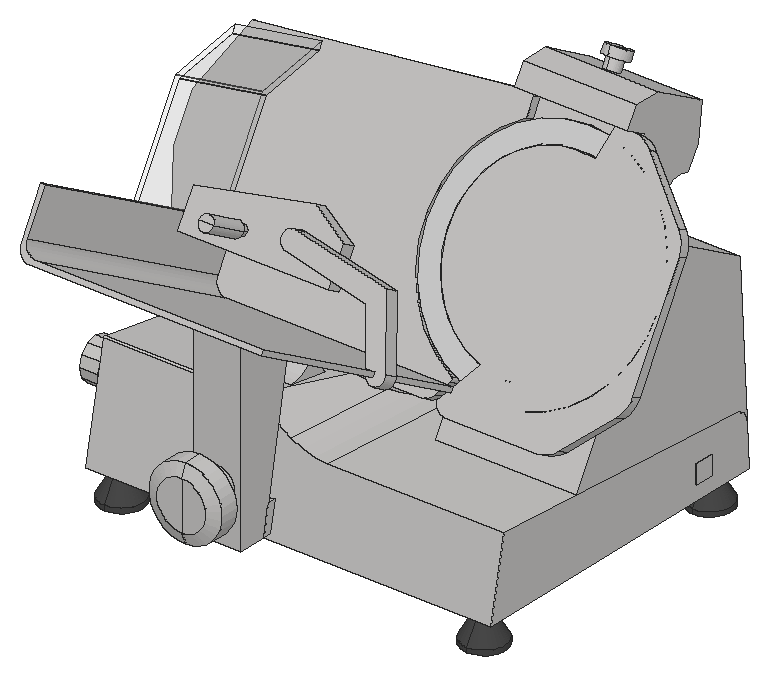
Revit family "QF_ELECTROLUXPROFESSIONAL_601130_MSG25B", category Attrezzature speciali, Revit 2020
Family settings
  Quota connettore circolare = Usa diametro
  Tipo di parte = Normale
  Basato su piano di lavoro = No
  Sempre verticale = Sì
  Taglio con vuoti quando caricato = No
  Condiviso = No
  Punto di calcolo locali = No
Parameters (values of type "Standard")
  Weight = 22.00 kg
  Watts = 190 W
  Volts = 230 V
  URL Manufacturer = "https://www.electroluxprofessional.com/"
  URL = "https://www.electroluxprofessional.com/"
  Steam Supply Size = 0 mm
  Steam Supply Minimum Pressure = 0.0 Pa
  Steam Supply Maximum Pressure = 0.0 Pa
  Steam Consumption per Hour = 0
  Refrigeration Suction Line Size = 0 mm
  Refrigeration Liquid Line Size = 0 mm
  Refrigerant Compressor Remote = yes
  Prospetto di default = 0 mm
  Produttore = "Electrolux Professional"
  Phase = 1
  Modello = "MSG25B"
  Length Actual = 510 mm  # constant formula
  Item Number = "601130"
  Hot Water Size = 0 mm
  Height Actual = 370 mm  # constant formula
  HP = "0.3 HP"
  Gas Size = 0 mm
  Gas KW = 0
  Gas Input Pressure = 0 W
  Direct Waste Size = 0 mm
  Descrizione = "GRAVITY SLICER 250 MM BELT TRANSMISSION"
  Depth Actual = 420 mm  # constant formula
  Cycle = 50 Hz
  Condensate Return Size = 0 mm
  Compressed Air Volume = 0.0 L/s
  Compressed Air Size = 0 mm
  Compressed Air Pressure = 0.0 Pa
  Cold Water Size = 0 mm
  Accessory = yes
Reference planes
  plane 1 "Back": y = 0
  plane 2: z = 0
  plane 3 "Left": x = 0
  plane 4: through (0, -62.476, 411.876) normal (0, -0.866, 0.5)
  plane 5: x = 120
  plane 6: x = 215
  plane 7: y = -170
  plane 8: y = -340
  plane 9: x = 477.05
  plane 10: x = -32.95
Forms (mm)
  Extrusion 1, solid, material "QF_Finishes_Stainless Steel"
    sketch origin (0, -2.5, 31.651) x (0, 1, 0) y (0, 0, 1)
      loop
        line (0.111, 45.617) -> (2.502, 0) -> (-340, 0) -> (-316.027, 112.786)
        arc (-316.027, 112.786) -> (-315.18, 114.042) -> (-313.698, 114.357) r 2.022
        line (-313.698, 114.357) -> (-209.251, 95.94)
        arc (-209.251, 95.94) -> (-187.506, 79.177) -> (-161.592, 70.108) r 86.138
        line (-161.592, 70.108) -> (-13.411, 59.746)
        arc (-13.411, 59.746) -> (-3.886, 55.355) -> (0, 45.614) r 14.152
    from 0 to 430
  Extrusion 2, solid, material "QF_Finishes_Stainless Steel"
    sketch origin (145, -2.5, 31.651) x (0, 1, 0) y (0, 0, 1)
      loop
        line (-347.59, 5.346) -> (-313.916, 178.584) -> (-377.59, 215.346) -> (-377.59, 5.346) -> (-347.59, 5.346)
    from 0 to 50
  Extrusion 3, solid, material "QF_Finishes_Stainless Steel"
    sketch origin (410, -2.5, 31.651) x (0, 1, 0) y (0, 0, 1)
      loop
        line (0.072, 46.359) -> (-8.196, 204.121)
        arc (-8.196, 204.121) -> (-8.926, 206.472) -> (-10.689, 208.19) r 5
        line (-10.689, 208.19) -> (-113.35, 267.461) -> (-224.742, 74.524) -> (-13.411, 59.746)
        arc (-13.411, 59.746) -> (-4.145, 55.621) -> (-0.019, 46.354) r 14.152
    from -130 to 20
  Extrusion 4, solid, material "QF_Finishes_Stainless Steel"
    sketch origin (327.292, -2.5, 31.651) x (0, 1, 0) y (0, 0, 1)
      loop
        line (-22.353, 351.363) -> (-78.648, 383.865) -> (-108.648, 383.865) -> (-119.762, 364.616) -> (-97.262, 351.626) -> (-116.148, 318.913) -> (-64.187, 288.913)
        arc (-64.187, 288.913) -> (-52.101, 292.661) -> (-39.728, 290.011) r 25
        line (-39.728, 290.011) -> (-27.228, 311.661) -> (-22.353, 351.363)
    from -47.292 to 72.708
  Extrusion 5, void
    sketch origin (0, -7.784, 20.549) x (1, 0, 0) y (0, 0.069756, 0.997564)
      loop
        line (120, 133.652) -> (120, 115.327)
        arc (120, 115.327) -> (133.052, 114.442) -> (145.555, 110.596) r 56.825
        line (145.555, 110.596) -> (202.989, 80.057)
        arc (202.989, 80.057) -> (222.331, 72.633) -> (242.894, 70.108) r 85
        line (242.894, 70.108) -> (430, 70.108) -> (430, 133.652) -> (120, 133.652)
    from 147.863 to 407.59
  Extrusion 6, solid, material "QF_Finishes_Stainless Steel"
    sketch origin (-752.5, -238.087, 165.011) x (1, 0, 0) y (0, 0.5, 0.866025)
      loop
        line (813.75, 0) -> (1060, 0) -> (1060, 5) -> (818.75, 5)
        arc (818.75, 5) -> (808.143, 9.393) -> (803.75, 20) r 15
        line (803.75, 20) -> (803.75, 67.519) -> (798.75, 67.519) -> (798.75, 15)
        arc (798.75, 15) -> (803.143, 4.393) -> (813.75, 0) r 15
    from 3.968 to 294.34
  Extrusion 7, solid, material "QF_Finishes_Stainless Steel"
    sketch origin (-910, -235.508, 148.157) x (1, 0, 0) y (0, 0.5, 0.866025)
      loop
        line (877.05, 169.544) -> (877.05, 119.544) -> (904.411, 44.368) -> (995.38, 0) -> (1188.402, 0)
        arc (1188.402, 0) -> (1195.212, 1.635) -> (1200.537, 6.183) r 15
        line (1200.537, 6.183) -> (1211.241, 20.916)
        arc (1211.241, 20.916) -> (1211.711, 23.459) -> (1210.027, 25.423) r 3
        arc (1210.027, 25.423) -> (1135.694, 134.151) -> (1200, 249.094) r 125
        line (1200, 249.094) -> (1200, 268.373)
        arc (1200, 268.373) -> (1199.007, 270.602) -> (1196.686, 271.356) r 3
        line (1196.686, 271.356) -> (912.12, 241.447) -> (877.05, 169.544)
      loop
        line (1216.321, -8.334) -> (1314.043, -8.334)
        arc (1314.043, -8.334) -> (1325.524, -6.051) -> (1335.256, 0.452) r 30
        line (1335.256, 0.452) -> (1378.263, 43.459)
        arc (1378.263, 43.459) -> (1384.766, 53.192) -> (1387.05, 64.672) r 30
        line (1387.05, 64.672) -> (1387.05, 188.023)
        arc (1387.05, 188.023) -> (1384.766, 199.503) -> (1378.263, 209.236) r 30
        line (1378.263, 209.236) -> (1326.079, 261.42)
        arc (1326.079, 261.42) -> (1316.347, 267.923) -> (1304.866, 270.206) r 30
        line (1304.866, 270.206) -> (1286.584, 270.206) -> (1277.973, 238.223)
        arc (1277.973, 238.223) -> (1163.049, 161.88) -> (1233.763, 43.409) r 100
        line (1233.763, 43.409) -> (1203.894, 2.297)
        arc (1203.894, 2.297) -> (1208.144, -5.314) -> (1216.321, -8.334) r 12.579
    from 0 to 10
  Extrusion 8, solid, material "QF_Finishes_Handrails and Railings"
    sketch origin (-910, -234.601, 147.633) x (1, 0, 0) y (0, 0.5, 0.866025)
      loop
        circle (1260.569, 139.749) r 101
      loop
        circle (1260.569, 139.749) r 123
    from 8.048 to 10.048
  Extrusion 9, solid, material "QF_Finishes_Stainless Steel"
    sketch origin (432, 82.133, 440.055) x (0, 0, 1) y (0, 1, 0)
      loop
        line (-392.404, -132.714) -> (-392.404, -152.714) -> (-372.404, -152.714) -> (-372.404, -132.714) -> (-392.404, -132.714)
    from 0 to 2
  Revolve 10, solid, material "QF_Finishes_Black"
    sketch origin (22.5, -2.5, 31.651) x (0, 1, 0) y (0, 0, 1)
      loop
        line (-20, 0) -> (-20, -31.651) -> (2.5, -31.651) -> (2.5, -26.651) -> (-10, -5) -> (-10, 0) -> (-20, 0)
      axis (-20, -31.651) -> (-20, 0)
    angle from 0 to 360
  Extrusion 11, solid, material "QF_Finishes_Stainless Steel"
    sketch origin (0, -2.5, 31.651) x (0, 1, 0) y (0, 0, 1)
      loop
        arc (-227.363, 99.134) -> (-231.934, 107.252) -> (-233.008, 116.507) r 23.607
        line (-233.008, 116.507) -> (-241.668, 121.507)
        arc (-241.668, 121.507) -> (-255.318, 110.809) -> (-272.247, 107.048) r 39.2
        line (-272.247, 107.048) -> (-227.363, 99.134)
    from 85.773 to 164.217
  Revolve 12, solid, material "QF_Finishes_Handrails and Railings"
    sketch origin (353.75, -2.5, 31.651) x (0, 1, 0) y (0, 0, 1)
      loop
        line (-109.898, 329.739) -> (-163.134, 237.533) -> (-138.755, 223.458) -> (-118.755, 258.099) -> (-109.898, 329.739)
      axis (-138.755, 223.458) -> (-163.134, 237.533)
    angle from 0 to 360
  Revolve 13, solid, material "QF_Finishes_Black"
    sketch origin (407.5, -2.5, 31.651) x (0, 1, 0) y (0, 0, -1)
      loop
        line (-20, 0) -> (-10, 0) -> (-10, 5) -> (2.5, 26.651) -> (2.5, 31.651) -> (-20, 31.651) -> (-20, 0)
      axis (-20, 31.651) -> (-20, 0)
    angle from 0 to 360
  Revolve 14, solid, material "QF_Finishes_Black"
    sketch origin (22.5, -342.5, 31.651) x (0, -1, 0) y (0, 0, -1)
      loop
        line (-20, 0) -> (-10, 0) -> (-10, 5) -> (2.5, 26.651) -> (2.5, 31.651) -> (-20, 31.651) -> (-20, 0)
      axis (-20, 31.651) -> (-20, 0)
    angle from 0 to 360
  Revolve 15, solid, material "QF_Finishes_Black"
    sketch origin (407.5, -342.5, 31.651) x (0, -1, 0) y (0, 0, 1)
      loop
        line (-20, 0) -> (-20, -31.651) -> (2.5, -31.651) -> (2.5, -26.651) -> (-10, -5) -> (-10, 0) -> (-20, 0)
      axis (-20, -31.651) -> (-20, 0)
    angle from 0 to 360
  Extrusion 16, solid, material "QF_Finishes_Stainless Steel"
    sketch origin (0, -2.5, 31.651) x (0, 1, 0) y (0, 0, 1)
      loop
        line (-347.59, 5.346) -> (-338.864, 5.346) -> (-332.487, 35.346) -> (-341.758, 35.346) -> (-347.59, 5.346)
    from 145 to 195
  Revolve 17, solid, material "QF_Finishes_Stainless Steel"
    sketch origin (-1014.056, -280.067, -37.335) x (1, 0, 0) y (0, 0, 1)
      loop
        line (1014.056, 171) -> (1011.556, 171) -> (1002.782, 157.226) -> (1002.782, 155.22) -> (999.669, 150.775) -> (999.669, 149.212) -> (995.281, 149.212) -> (995.281, 133) -> (1014.056, 133) -> (1014.056, 171)
      axis (995.281, 133) -> (1014.056, 133)
    angle from 0 to 360
  Extrusion 18, solid, material "QF_Finishes_Stainless Steel"
    sketch origin (-1014.056, -2.5, 31.651) x (0, 1, 0) y (0, 0, 1)
      loop
        line (-288.697, 82.907) -> (-296.745, 74.859) -> (-299.691, 63.865) -> (-296.745, 52.871) -> (-288.697, 44.823) -> (-277.704, 41.877) -> (-266.71, 44.823) -> (-258.662, 52.871) -> (-255.716, 63.865) -> (-258.662, 74.859) -> (-266.71, 82.907) -> (-277.704, 85.852) -> (-288.697, 82.907)
    from 975.281 to 995.281
  Revolve 19, solid, material "QF_Finishes_Stainless Steel"
    sketch origin (335, -2.5, 31.651) x (0, 1, 0) y (0, 0, 1)
      loop
        line (-60.28, 373.26) -> (-53.482, 369.335) -> (-47.768, 379.231) -> (-43.438, 376.731) -> (-38.886, 384.616) -> (-50.014, 391.041) -> (-60.28, 373.26)
      axis (-60.28, 373.26) -> (-50.014, 391.041)
    angle from 0 to 360
  Extrusion 20, solid, material "Vetro Trasparente"
    sketch origin (-918.675, -117.361, 109.398) x (1, 0, 0) y (0, 0.5, 0.866025)
      loop
        line (959.925, 7.799) -> (964.925, 7.799) -> (964.925, 162.745) -> (1000.743, 213.899) -> (1000.743, 222.616) -> (959.925, 164.322) -> (959.925, 7.799)
    from 143.159 to 276.698
  Revolve 21, solid, material "QF_Finishes_Stainless Steel"
    sketch origin (170, -2.5, 31.651) x (0, 1, 0) y (0, 0, 1)
      loop
        line (-377.59, 60.846) -> (-377.59, 78.816) -> (-395.099, 78.816) -> (-400.656, 99.554) -> (-419.582, 99.554) -> (-424.967, 86.868) -> (-424.967, 60.846) -> (-377.59, 60.846)
      axis (-377.59, 60.846) -> (-424.967, 60.846)
    angle from 0 to 360
  Extrusion 22, solid, material "QF_Finishes_Stainless Steel"
    sketch origin (-1088.247, -417.141, 43.56) x (1, 0, 0) y (0, 0.5, 0.866025)
      loop
        line (1157.755, 287.815) -> (1157.755, 247.815) -> (1317.755, 247.815) -> (1317.755, 287.815) -> (1278.255, 310.62) -> (1157.755, 287.815)
    from 0 to 15
  Extrusion 23, solid, material "QF_Finishes_Stainless Steel"
    sketch origin (-1088.247, -430.131, 51.06) x (1, 0, 0) y (0, 0.5, 0.866025)
      loop
        arc (1278.158, 286.028) -> (1266.573, 277.917) -> (1274.685, 266.332) r 10
        line (1274.685, 266.332) -> (1366.873, 250.077) -> (1389.061, 193.545)
        arc (1389.061, 193.545) -> (1402.023, 187.89) -> (1407.678, 200.852) r 10
        line (1407.678, 200.852) -> (1381.393, 267.825) -> (1278.158, 286.028)
    from 0 to 15
  Revolve 24, solid, material "QF_Finishes_Stainless Steel"
    sketch origin (-1088.247, -283.234, 275.494) x (1, 0, 0) y (0, 0.866025, -0.5)
      loop
        line (1217.755, -15) -> (1217.755, -70) -> (1225.755, -70) -> (1225.755, -25) -> (1222.755, -25) -> (1222.755, -15) -> (1217.755, -15)
      axis (1217.755, -15) -> (1217.755, -70)
    angle from 0 to 360
Cuts and joins
  Extrusion 5 cuts Extrusion 1
  joined: Extrusion 7, Extrusion 11
Dimensions and locks
  locked: Extrusion 3 to Extrusion 3 at 150
  locked: plane 5 to plane 3 "Left" at 120
  equal spacing: cut or joined group of Extrusion 1, Extrusion 5, plane 6, cut or joined group of Extrusion 1, Extrusion 5
  equal spacing: plane 1 "Back", plane 7, plane 8
  locked: Extrusion 2 to Revolve 21 at 7.03
  plane 10 to plane 9 = 510 mm
  plane 3 "Left" to cut or joined group of Extrusion 1, Extrusion 5 = 430 mm
  aligned and locked: level to plane 2
  aligned and locked: cut or joined group of Extrusion 1, Extrusion 5 to Extrusion 3
  aligned and locked: Extrusion 1 to Extrusion 5
  aligned and locked: Extrusion 5 to plane 5
  aligned and locked: Extrusion 4 to Extrusion 3
  aligned and locked: Extrusion 16 to Extrusion 2
  aligned and locked: Extrusion 2 to Extrusion 16
  aligned and locked: Extrusion 18 to Revolve 17
Automatic sketch dimensions
  level to Extrusion 1 sketch curve = 31.651 mm
  plane 8 to Extrusion 1 sketch curve = 2.5 mm
  plane 1 "Back" to Extrusion 1 sketch curve = 2.5 mm
  Extrusion 1 sketch curve to plane 8 = 21.473 mm
  Extrusion 1 sketch curve to Extrusion 1 sketch curve = 1.978 mm
  Extrusion 1 sketch curve to Extrusion 1 sketch curve = 0.351 mm
  Extrusion 1 sketch curve to plane 7 = 41.751 mm
  plane 7 to Extrusion 1 sketch curve = 5.908 mm
  plane 7 to Extrusion 1 sketch curve = 21.04 mm
  plane 1 "Back" to Extrusion 1 sketch curve = 16.652 mm
  plane 1 "Back" to Extrusion 1 sketch curve = 15.911 mm
  Extrusion 1 sketch curve to plane 1 "Back" = 0.002 mm
  level to Extrusion 1 sketch curve = 77.264 mm
  level to Extrusion 1 sketch curve = 101.759 mm
  Extrusion 1 sketch curve to Extrusion 1 sketch curve = 25.832 mm
  Extrusion 1 sketch curve to Extrusion 1 sketch curve = 16.426 mm
  Extrusion 1 sketch curve to Extrusion 1 sketch curve = 0.42 mm
  plane 1 "Back" to Extrusion 1 sketch curve = 2.389 mm
  Extrusion 1 sketch curve to Extrusion 1 sketch curve = 0.003 mm
  level to Extrusion 2 sketch curve = 36.997 mm
  plane 8 to Extrusion 2 sketch curve = 40.09 mm
  plane 8 to Extrusion 2 sketch curve = 10.09 mm
  Extrusion 2 sketch curve to plane 8 = 23.584 mm
  Extrusion 2 sketch curve to Extrusion 2 sketch curve = 173.238 mm
  Extrusion 2 sketch curve to Extrusion 2 sketch curve = 36.762 mm
  Extrusion 3 sketch curve to plane 7 = 57.242 mm
  plane 7 to Extrusion 3 sketch curve = 54.15 mm
  plane 1 "Back" to Extrusion 3 sketch curve = 16.652 mm
  plane 1 "Back" to Extrusion 3 sketch curve = 15.911 mm
  plane 1 "Back" to Extrusion 3 sketch curve = 15.689 mm
  Extrusion 3 sketch curve to Extrusion 3 sketch curve = 2.5 mm
  Extrusion 3 sketch curve to Extrusion 3 sketch curve = 2.493 mm
  level to Extrusion 3 sketch curve = 77.264 mm
  Extrusion 3 sketch curve to Extrusion 3 sketch curve = 14.132 mm
  level to Extrusion 3 sketch curve = 106.175 mm
  Extrusion 3 sketch curve to Extrusion 3 sketch curve = 144.114 mm
  Extrusion 3 sketch curve to Extrusion 3 sketch curve = 0.262 mm
  plane 1 "Back" to Extrusion 3 sketch curve = 2.519 mm
  plane 1 "Back" to Extrusion 3 sketch curve = 2.428 mm
  Extrusion 3 sketch curve to Extrusion 3 sketch curve = 0.005 mm
  plane 4 to Extrusion 4 sketch curve = 17.99 mm  (x3)
  plane 7 to Extrusion 4 sketch curve = 47.738 mm
  Extrusion 4 sketch curve to Extrusion 4 sketch curve = 3.613 mm
  Extrusion 4 sketch curve to Extrusion 4 sketch curve = 11.113 mm
  Extrusion 4 sketch curve to Extrusion 4 sketch curve = 22.5 mm
  Extrusion 4 sketch curve to Extrusion 4 sketch curve = 51.962 mm
  Extrusion 4 sketch curve to Extrusion 4 sketch curve = 13.206 mm
  Extrusion 4 sketch curve to Extrusion 4 sketch curve = 24.459 mm
  Extrusion 4 sketch curve to Extrusion 4 sketch curve = 12.5 mm
  plane 1 "Back" to Extrusion 4 sketch curve = 24.853 mm
  Extrusion 4 sketch curve to Extrusion 4 sketch curve = 21.227 mm
  Extrusion 4 sketch curve to Extrusion 4 sketch curve = 21.651 mm
  Extrusion 4 sketch curve to Extrusion 4 sketch curve = 39.702 mm
  Extrusion 5 sketch curve to plane 5 = 0 mm
  plane 5 to Extrusion 5 sketch curve = 2.708 mm
  plane 5 to Extrusion 5 sketch curve = 25.555 mm
  plane 6 to Extrusion 5 sketch curve = 12.011 mm
  Extrusion 5 sketch curve to plane 6 = 27.894 mm
  Extrusion 5 sketch curve to Extrusion 5 sketch curve = 187.106 mm
  Extrusion 5 sketch curve to Extrusion 5 sketch curve = 11.542 mm
  Extrusion 5 sketch curve to Extrusion 5 sketch curve = 9.949 mm
  Extrusion 5 sketch curve to Extrusion 5 sketch curve = 52.03 mm
  Extrusion 5 sketch curve to Extrusion 5 sketch curve = 63.544 mm
  plane 3 "Left" to Extrusion 6 sketch curve = 46.25 mm
  Extrusion 6 sketch curve to Extrusion 6 sketch curve = 5 mm  (x3)
  Extrusion 6 sketch curve to Extrusion 6 sketch curve = 10 mm
  Extrusion 6 sketch curve to plane 6 = 92.5 mm
  Extrusion 6 sketch curve to Extrusion 6 sketch curve = 47.519 mm
  Extrusion 7 sketch curve to Extrusion 7 sketch curve = 0 mm  (x3)
  Extrusion 7 sketch curve to plane 3 "Left" = 32.95 mm
  Extrusion 7 sketch curve to plane 3 "Left" = 5.589 mm
  plane 3 "Left" to Extrusion 7 sketch curve = 2.12 mm
  Extrusion 7 sketch curve to plane 5 = 34.62 mm
  Extrusion 7 sketch curve to plane 6 = 63.402 mm
  Extrusion 7 sketch curve to plane 6 = 71.686 mm
  Extrusion 7 sketch curve to Extrusion 7 sketch curve = 0.314 mm
  Extrusion 7 sketch curve to Extrusion 7 sketch curve = 3 mm
  Extrusion 7 sketch curve to Extrusion 7 sketch curve = 12.135 mm
  Extrusion 7 sketch curve to Extrusion 7 sketch curve = 3.357 mm
  Extrusion 7 sketch curve to Extrusion 7 sketch curve = 8.277 mm
  Extrusion 7 sketch curve to Extrusion 7 sketch curve = 2.427 mm
  Extrusion 7 sketch curve to Extrusion 7 sketch curve = 12.428 mm
  Extrusion 7 sketch curve to Extrusion 7 sketch curve = 22.523 mm
  Extrusion 7 sketch curve to Extrusion 7 sketch curve = 26.806 mm
  Extrusion 7 sketch curve to Extrusion 7 sketch curve = 86.584 mm
  Extrusion 7 sketch curve to Extrusion 7 sketch curve = 18.282 mm
  Extrusion 7 sketch curve to Extrusion 7 sketch curve = 80.28 mm
  Extrusion 7 sketch curve to Extrusion 7 sketch curve = 21.213 mm  (x5)
  Extrusion 7 sketch curve to Extrusion 7 sketch curve = 43.007 mm  (x2)
  Extrusion 7 sketch curve to Extrusion 7 sketch curve = 52.184 mm  (x2)
  Extrusion 7 sketch curve to Extrusion 7 sketch curve = 8.787 mm  (x2)
  Extrusion 7 sketch curve to Extrusion 7 sketch curve = 8.334 mm
  Extrusion 7 sketch curve to Extrusion 7 sketch curve = 2.297 mm
  Extrusion 7 sketch curve to Extrusion 7 sketch curve = 3.887 mm
  Extrusion 7 sketch curve to Extrusion 7 sketch curve = 16.671 mm
  Extrusion 7 sketch curve to Extrusion 7 sketch curve = 1.763 mm
  Extrusion 7 sketch curve to Extrusion 7 sketch curve = 22.493 mm
  Extrusion 7 sketch curve to Extrusion 7 sketch curve = 44.368 mm
  Extrusion 7 sketch curve to Extrusion 7 sketch curve = 75.175 mm
  Extrusion 7 sketch curve to Extrusion 7 sketch curve = 96.34 mm
  Extrusion 7 sketch curve to Extrusion 7 sketch curve = 50 mm
  Extrusion 7 sketch curve to Extrusion 7 sketch curve = 123.35 mm
  Extrusion 7 sketch curve to Extrusion 7 sketch curve = 71.904 mm
  Extrusion 7 sketch curve to Extrusion 7 sketch curve = 8.888 mm
  Extrusion 7 sketch curve to Extrusion 7 sketch curve = 19.278 mm
  Extrusion 7 sketch curve to Extrusion 7 sketch curve = 26.893 mm
  Extrusion 8 sketch curve to Extrusion 8 sketch curve = 0 mm  (x2)
  Extrusion 8 sketch curve to plane 6 = 135.569 mm
  level to Revolve 10 sketch curve = 31.651 mm
  plane 1 "Back" to Revolve 10 sketch curve = 22.5 mm
  Revolve 10 sketch curve to Revolve 10 sketch curve = 10 mm  (x2)
  Revolve 10 sketch curve to plane 1 "Back" = 0 mm
  Revolve 10 sketch curve to Revolve 10 sketch curve = 5 mm  (x2)
  Revolve 10 sketch curve to Revolve 10 sketch curve = 21.651 mm
  Revolve 10 sketch curve to Revolve 10 sketch curve = 10.825 mm
  level to Revolve 10 sketch curve = 45.018 mm
  plane 4 to Extrusion 11 sketch curve = 17.99 mm
  Extrusion 11 sketch curve to plane 8 = 65.253 mm
  Extrusion 11 sketch curve to Extrusion 11 sketch curve = 0.173 mm
  Extrusion 11 sketch curve to Extrusion 11 sketch curve = 30.579 mm
  Extrusion 11 sketch curve to Extrusion 11 sketch curve = 8.66 mm
  Extrusion 11 sketch curve to Extrusion 11 sketch curve = 5.645 mm
  Extrusion 11 sketch curve to Extrusion 11 sketch curve = 23.526 mm
  Extrusion 11 sketch curve to Extrusion 11 sketch curve = 1.96 mm
  Extrusion 11 sketch curve to Extrusion 11 sketch curve = 9.459 mm
  Extrusion 11 sketch curve to Extrusion 11 sketch curve = 5 mm
  plane 4 to Revolve 12 sketch curve = 17.99 mm  (x2)
  plane 7 to Revolve 12 sketch curve = 4.366 mm
  Revolve 12 sketch curve to Revolve 12 sketch curve = 24.379 mm
  Revolve 12 sketch curve to Revolve 12 sketch curve = 20 mm
  plane 7 to Revolve 12 sketch curve = 57.602 mm
  Revolve 12 sketch curve to Revolve 12 sketch curve = 4.44 mm
  Revolve 12 sketch curve to Revolve 12 sketch curve = 0 mm  (x2)
  Revolve 12 sketch curve to Revolve 12 sketch curve = 2.564 mm
  level to Revolve 13 sketch curve = 31.651 mm
  plane 1 "Back" to Revolve 13 sketch curve = 22.5 mm
  Revolve 13 sketch curve to Revolve 13 sketch curve = 10 mm  (x2)
  Revolve 13 sketch curve to plane 1 "Back" = 0 mm
  Revolve 13 sketch curve to Revolve 13 sketch curve = 5 mm  (x2)
  Revolve 13 sketch curve to Revolve 13 sketch curve = 21.651 mm
  level to Revolve 13 sketch curve = 45.018 mm
  Revolve 13 sketch curve to Revolve 13 sketch curve = 10.825 mm
  level to Revolve 14 sketch curve = 31.651 mm
  Revolve 14 sketch curve to plane 8 = 17.5 mm
  Revolve 14 sketch curve to Revolve 14 sketch curve = 10 mm  (x2)
  plane 8 to Revolve 14 sketch curve = 5 mm
  Revolve 14 sketch curve to Revolve 14 sketch curve = 5 mm  (x2)
  Revolve 14 sketch curve to Revolve 14 sketch curve = 21.651 mm
  level to Revolve 14 sketch curve = 45.018 mm
  Revolve 14 sketch curve to Revolve 14 sketch curve = 10.825 mm
  level to Revolve 15 sketch curve = 31.651 mm
  Revolve 15 sketch curve to plane 8 = 17.5 mm
  Revolve 15 sketch curve to Revolve 15 sketch curve = 10 mm  (x2)
  plane 8 to Revolve 15 sketch curve = 5 mm
  Revolve 15 sketch curve to Revolve 15 sketch curve = 5 mm  (x2)
  Revolve 15 sketch curve to Revolve 15 sketch curve = 21.651 mm
  Revolve 15 sketch curve to Revolve 15 sketch curve = 10.825 mm
  level to Revolve 15 sketch curve = 45.018 mm
  plane 8 to Extrusion 16 sketch curve = 1.364 mm
  Extrusion 16 sketch curve to plane 8 = 5.013 mm
  level to Extrusion 16 sketch curve = 36.997 mm
  Extrusion 16 sketch curve to Extrusion 16 sketch curve = 30 mm
  plane 8 to Extrusion 16 sketch curve = 4.258 mm
  plane 8 to Extrusion 16 sketch curve = 10.09 mm
  plane 6 to Revolve 17 sketch curve = 233.774 mm
  Revolve 17 sketch curve to Revolve 17 sketch curve = 4.388 mm
  Revolve 17 sketch curve to Revolve 17 sketch curve = 3.113 mm
  Revolve 17 sketch curve to Revolve 17 sketch curve = 8.774 mm
  Revolve 17 sketch curve to Revolve 17 sketch curve = 18.774 mm
  Revolve 17 sketch curve to Revolve 17 sketch curve = 16.212 mm
  Revolve 17 sketch curve to Revolve 17 sketch curve = 9.387 mm
  Revolve 17 sketch curve to Revolve 17 sketch curve = 48.874 mm
  Revolve 17 sketch curve to Revolve 17 sketch curve = 0 mm
  level to Revolve 17 sketch curve = 95.665 mm
  Revolve 17 sketch curve to Revolve 17 sketch curve = 1.562 mm
  Revolve 17 sketch curve to Revolve 17 sketch curve = 4.446 mm
  Revolve 17 sketch curve to Revolve 17 sketch curve = 2.006 mm
  Revolve 17 sketch curve to Revolve 17 sketch curve = 13.774 mm
  level to Extrusion 9 sketch curve = 47.651 mm
  level to Extrusion 9 sketch curve = 67.651 mm
  Extrusion 9 sketch curve to plane 8 = 269.42 mm
  Extrusion 9 sketch curve to Extrusion 9 sketch curve = 20 mm
  plane 1 "Back" to Revolve 19 sketch curve = 62.78 mm
  Revolve 19 sketch curve to Revolve 19 sketch curve = 6.798 mm
  Revolve 19 sketch curve to Revolve 19 sketch curve = 10.266 mm
  Revolve 19 sketch curve to Revolve 19 sketch curve = 5.714 mm
  Revolve 19 sketch curve to Revolve 19 sketch curve = 4.33 mm  (x2)
  level to Revolve 19 sketch curve = 400.986 mm
  Revolve 19 sketch curve to Revolve 19 sketch curve = 3.925 mm
  Revolve 19 sketch curve to Revolve 19 sketch curve = 2.5 mm
  Revolve 19 sketch curve to Revolve 19 sketch curve = 4.081 mm
  Revolve 19 sketch curve to Revolve 19 sketch curve = 7.069 mm
  plane 3 "Left" to Extrusion 20 sketch curve = 41.25 mm
  Extrusion 20 sketch curve to Extrusion 20 sketch curve = 5 mm
  Extrusion 20 sketch curve to plane 5 = 37.932 mm
  Extrusion 20 sketch curve to Extrusion 20 sketch curve = 156.522 mm
  Extrusion 20 sketch curve to Extrusion 20 sketch curve = 1.576 mm
  Extrusion 20 sketch curve to Extrusion 20 sketch curve = 51.153 mm
  Extrusion 20 sketch curve to Extrusion 20 sketch curve = 8.717 mm
  plane 8 to Revolve 21 sketch curve = 87.467 mm
  Revolve 21 sketch curve to Revolve 21 sketch curve = 5.385 mm
  Revolve 21 sketch curve to Revolve 21 sketch curve = 18.926 mm
  Revolve 21 sketch curve to Revolve 21 sketch curve = 5.557 mm
  Revolve 21 sketch curve to Revolve 21 sketch curve = 17.51 mm
  Revolve 21 sketch curve to Revolve 21 sketch curve = 24.915 mm
  Revolve 21 sketch curve to Revolve 21 sketch curve = 8.03 mm
  level to Revolve 21 sketch curve = 92.497 mm
  Revolve 21 sketch curve to Revolve 21 sketch curve = 17.97 mm  (x2)
  Revolve 21 sketch curve to Revolve 21 sketch curve = 26.022 mm
  Revolve 21 sketch curve to Revolve 21 sketch curve = 12.686 mm
  Extrusion 22 sketch curve to plane 5 = 50.492 mm
  plane 6 to Extrusion 22 sketch curve = 24.992 mm
  Extrusion 22 sketch curve to plane 6 = 14.508 mm
  Extrusion 22 sketch curve to Extrusion 22 sketch curve = 40 mm  (x2)
  Extrusion 22 sketch curve to Extrusion 22 sketch curve = 22.805 mm
  plane 6 to Extrusion 23 sketch curve = 28.562 mm
  Extrusion 23 sketch curve to Extrusion 23 sketch curve = 1.736 mm  (x2)
  Extrusion 23 sketch curve to plane 6 = 63.626 mm
  Extrusion 23 sketch curve to Extrusion 23 sketch curve = 14.519 mm
  Extrusion 23 sketch curve to Extrusion 23 sketch curve = 22.187 mm
  Extrusion 23 sketch curve to Extrusion 23 sketch curve = 9.309 mm  (x2)
  Extrusion 23 sketch curve to Extrusion 23 sketch curve = 3.653 mm
  Extrusion 23 sketch curve to Extrusion 23 sketch curve = 56.531 mm
  Extrusion 23 sketch curve to Extrusion 23 sketch curve = 16.255 mm
  Extrusion 23 sketch curve to Extrusion 23 sketch curve = 17.748 mm
  Extrusion 23 sketch curve to Extrusion 23 sketch curve = 9.848 mm
  plane 5 to Revolve 24 sketch curve = 9.508 mm  (x2)
  Revolve 24 sketch curve to Revolve 24 sketch curve = 5 mm
  Revolve 24 sketch curve to Revolve 24 sketch curve = 8 mm
  plane 4 to Revolve 24 sketch curve = 192.99 mm
  Revolve 24 sketch curve to Revolve 24 sketch curve = 45 mm
  Revolve 24 sketch curve to Revolve 24 sketch curve = 10 mm
  Revolve 24 sketch curve to Revolve 24 sketch curve = 15 mm  (x2)
  radius of Extrusion 8 sketch curve = 101 mm
  radius of Extrusion 8 sketch curve = 123 mm
Nested families
  nested 1: "BOTTONI_AFFETTATRICE" at (0, -62.14, 57.252) x (0, -1, 0) z (-1, 0, 0), type "BOTTONI_AFFETTATRICE"
Connectors
  electrical at (432, -60.58, 57.651)
    settings: on Extrusion 9, index 6, voltage 230 V, apparent load 0 VA, apparent load phase1 0 VA, apparent load phase2 0 VA, apparent load phase3 0 VA, power factor 1, load classification "Altro", number of poles 1, system type 30, power factor state 1, is connector primary yes, connector utility no, sub classification motor no, connector description "EI"
Definition of nested family "BOTTONI_AFFETTATRICE"
  Parameters
    Default Elevation = 1219.2 mm
  Reference planes
    plane 1 "Centro (Fronte/Retro)": y = 0
    plane 2: z = 0
    plane 3 "Centro (Sinistra/Destra)": x = 0
  Forms (mm)
    Extrusion 1, solid
      sketch origin (0, 0, 0) x (1, 0, 0) y (0, 1, 0)
        loop
          line (-1219.2, 1219.2) -> (-1219.2, -1219.2) -> (1219.2, -1219.2) -> (1219.2, 1219.2) -> (-1219.2, 1219.2)
      from 0 to -304.8
    Extrusion 2, solid
      sketch origin (-44.465, -72.307, 0.362) x (1, 0, 0) y (0, 1, 0)
        loop
          line (21.965, 84.807) -> (21.965, 59.807) -> (66.965, 59.807) -> (66.965, 84.807) -> (21.965, 84.807)
      from -0.362 to 1.638
    Extrusion 3, solid
      sketch origin (-44.465, -72.307, -2.905) x (1, 0, 0) y (0, 1, 0)
        loop
          line (21.965, 84.807) -> (21.965, 59.807) -> (38.371, 59.807) -> (38.371, 84.807) -> (21.965, 84.807)
        loop
          line (50.518, 84.807) -> (50.518, 59.807) -> (66.965, 59.807) -> (66.965, 84.807) -> (50.518, 84.807)
      from 4.905 to 17.905
    Extrusion 4, solid
      sketch origin (-44.465, -72.307, -4) x (1, 0, 0) y (0, 1, 0)
        loop
          line (24.791, 81.807) -> (24.791, 62.807) -> (34.791, 62.807) -> (34.791, 81.807) -> (24.791, 81.807)
      from 6 to 20
    Extrusion 5, solid
      sketch origin (44.465, -72.307, 0) x (-1, 0, 0) y (0, -1, 0)
        loop
          line (24.791, -81.807) -> (34.791, -81.807) -> (34.791, -62.807) -> (24.791, -62.807) -> (24.791, -81.807)
      from 2 to 16
  Dimensions and locks
    aligned and locked: plane 2 to Extrusion 1
    aligned and locked: level to Extrusion 1
